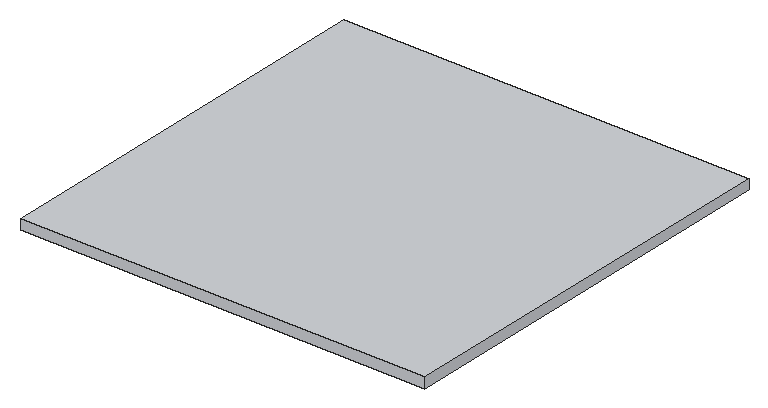
Revit family "4961000", category Aparatos sanitarios, Revit 2017
Family settings
  Anfitrión = Cara
  Cota de conector redondo = Diámetro de uso
  Tipo de pieza = Normal
  Número OmniClass = 23.45.55.14
  Título OmniClass = Single Faucets
  Corte con vacíos al cargar = No
  Compartido = No
  Punto de cálculo de habitación = No
Parameters (values of type "4961000")
  URL = "http://www.griferiasgalindo.com"
  Teléfono = "(+34) 915 782 575"
  TIPO DE AGUA = "Fria/Caliente"
  REFERENCIA = "4961000"
  Presión Máxima = "8 bar"
  PESO BRUTO = ""
  Nota clave = "Cartucho sellado mezclador con discos cerámicos de Ø 35 mm.  Suministrado con latiguillos flexibles de 3/4\" con excéntrica y embellecedor."
  Modelo = "GRIFO DE BAÑO DUCHA con accesorios"
  Material = LATON CROMADO
  Imagen de tipo = <Ninguno>
  Fabricante = "PRESTO IBÉRICA"
  Default Elevation = 1219.2 mm
  ENTRADA = "Hembra 3/4\""
  Descripción = "Grupo baño-ducha con accesorios"
  Código de montaje = "C1030220"
  Contacto = "info@prestoiberica.com"
  Conexión AF = yes
  Conexión AC = yes
  Comentarios de tipo = "Suministrado con excéntricas 1/2\" a 3/4\", flexo, soporte a pared y maneral. Cartucho sellado con discos cerámicos de diámetro 35 mm. Rodiador en ABS cromado de 225 mm. Barra soporte rociador regulable."
  CIERRE = "Manual"
  CAUDAL = ""
  Accionamiento = "Mediante maneta"
Reference planes
  plane 1 "Centro (Frontal/Posterior)": y = 0
  plane 2: z = 0
  plane 3 "Centro (Izquierda/Derecha)": x = 0
Forms (mm)
  Extrusion 1, solid
    sketch origin (0, 0, 0) x (1, 0, 0) y (0, 1, 0)
      loop
        line (-100, 100) -> (-100, -100) -> (100, -100) -> (100, 100) -> (-100, 100)
    from 0 to -5
Dimensions and locks
  Extrusion 1 sketch curve to plane 1 "Centro (Frontal/Posterior)" = 100 mm
  aligned and locked: plane 2 to Extrusion 1
  aligned and locked: level to Extrusion 1
Connectors
  piping at (-74.789, -12, -19.8), diameter 19.1
    settings: on import instance, index 1, connector inside diameter 609.6 mm, connector length 0 mm, flow factor 0, pipe flow 0.0 L/s, pressure drop 0.0 Pa, fitting loss kfactor 0, connector angle 0.00°, fixture units 0, engagement length 0 mm, angle of deflection 0.00°, flow configuration 0, flow direction 1, fitting loss method 0, system type 19, joint type 0, gender type 0, connector reference index -1, connector utility 0, adjustable connector no, is connector primary yes, connector description ""
  piping at (75.211, -12, -19.8), diameter 19.1
    settings: on import instance, index 2, connector inside diameter 609.6 mm, connector length 0 mm, flow factor 0, pipe flow 0.0 L/s, pressure drop 0.0 Pa, fitting loss kfactor 0, connector angle 0.00°, fixture units 0, engagement length 0 mm, angle of deflection 0.00°, flow configuration 0, flow direction 1, fitting loss method 0, system type 20, joint type 0, gender type 0, connector reference index -1, connector utility 0, adjustable connector no, is connector primary no, connector description ""
